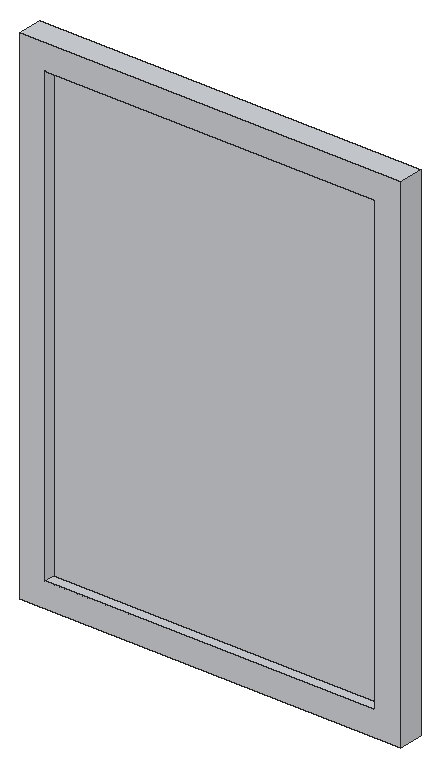
Revit family "固定窗-矩形- (1)", category 窗, Revit 2014
Parameters (values of type "90 x 120 cm")
  Height = 1200 mm
  預設窗台高度 = 900 mm
  關鍵註記 = "固定窗-矩形"
  解析營造 = "1/8 英吋 Pilkington 單層鑲嵌玻璃"
  Rough Height = Height  # 1200 mm
  Rough Width = Width  # 900 mm
  玻璃_材料 = none
  牆封閉 = 依主體
  熱阻 (R) = 0.1491 (m²·K)/W
  Solar Heat Gain Coefficient = 0.86
  Width = 900 mm
  外框_材料 = none
  外框_寬度 = 60 mm
  外框_厚度 = 60 mm
  Visual Light Transmittance = 0.9
  傳熱係數 (U) = 6.7069 W/(m²·K)
Types (2, lengths in mm): name | Height | Rough Height | Rough Width | Width
  90 x 120 cm | 1200 | 1200 | 900 | 900
  100 x 150 cm | 1500 | 1500 | 1000 | 1000
Reference planes
  plane 1: y = 0
  plane 2 "中心 (左/右)": x = 0
  plane 3 "左": x = -450
  plane 4 "右": x = 450
  plane 5 "窗台": z = 900
  plane 6 "標頭": z = 2100
  plane 7 "外部": y = 75
  plane 8 "內部": y = -75
Lines and regions (mm)
  Opening 1
    outline origin (3500, -75, 0) x (1, 0, 0) y (0, 0, 1)
      loop
        line (-3050, 900) -> (-3050, 2100) -> (-3950, 2100) -> (-3950, 900) -> (-3050, 900)
Text (mm)
  text "外部" at (-1963.203, 1332.353, 0), in view "參考樓層"
  text "內部" at (-1981.466, -818.386, 0), in view "參考樓層"
  text "外部" at (0, 923.751, 2943.296), in view "右"
  text "外部" at (0, 1040.484, 2685.409), in view "左"
Dimensions and locks
  equal spacing: plane 3 "左", plane 2 "中心 (左/右)", plane 4 "右"
  "Width": plane 3 "左" to plane 4 "右"
  "Height": plane 5 "窗台" to plane 6 "標頭"
  "預設窗台高度": plane 5 "窗台" to level
  locked: plane 7 "外部" to host wall at 0
  locked: plane 8 "內部" to host wall
  aligned and locked: plane 1 to nested 1
  aligned and locked: nested 1 to plane 3 "左"
  aligned and locked: nested 1 to plane 4 "右"
  aligned and locked: nested 1 to plane 6 "標頭"
  aligned and locked: nested 1 to plane 5 "窗台"
Automatic sketch dimensions
  Opening 1 sketch curve to plane 3 "左" = 0 mm
  Opening 1 sketch curve to plane 4 "右" = 0 mm
  Opening 1 sketch curve to plane 5 "窗台" = 0 mm
  Opening 1 sketch curve to plane 6 "標頭" = 0 mm
Nested families
  nested 1: "窗框" at (-267.428, 919.367, -100), type "窗框"
    with Height 1200 mm, Width 900 mm, 外框_厚度 60 mm
Definition of nested family "窗框"
  Parameters
    Height [instance] = 500 mm
    護桿_寬度 = 20 mm
    護桿_厚度 = 10 mm
    Rough Height = 500 mm
    Rough Width = 600 mm
    Width [instance] = 600 mm
    外框_材料 = none
    玻璃_材料 = none
    玻璃_厚度 = 10 mm
    外框_寬度 = 60 mm
    外框_厚度 = 50 mm
  Reference planes
    plane 1 "中心 (前/後)": y = -919.367
    plane 2: z = 0
    plane 3 "中心 (左/右)": x = 267.428
    plane 4 "玻璃-上": y = -939.367
    plane 5 "玻璃-下": y = -949.367
    plane 6: y = -969.367
    plane 7: x = -32.572
    plane 8: x = 567.428
    plane 9: x = 27.428
    plane 10: x = 507.428
    plane 11: z = 1440
    plane 12: z = 1500
    plane 13: z = 1060
    plane 14: z = 1000
    plane 15: y = -944.367
  Forms (mm)
    Extrusion 1, solid, material <- "玻璃_材料"
      sketch origin (-1499.274, -944.367, 1200) x (-1, 0, 0) y (0, 0, 1)
        loop
          line (-1526.702, 240) -> (-2006.702, 240) -> (-2006.702, -140) -> (-1526.702, -140) -> (-1526.702, 240)
      from -5 to 5
    Extrusion 2, solid, material <- "外框_材料"
      sketch origin (-1499.274, -944.367, 1200) x (-1, 0, 0) y (0, 0, 1)
        loop
          line (-1466.702, 300) -> (-2066.702, 300) -> (-2066.702, -200) -> (-1466.702, -200) -> (-1466.702, 300)
        loop
          line (-1526.702, 240) -> (-2006.702, 240) -> (-2006.702, -140) -> (-1526.702, -140) -> (-1526.702, 240)
      from -25 to 25
  Dimensions and locks
    equal spacing: plane 10, plane 3 "中心 (左/右)", plane 9
    "外框_寬度": plane 8 to plane 10
    "外框_寬度": plane 9 to plane 7
    "外框_寬度": plane 12 to plane 11
    "Width": plane 8 to plane 7
    "外框_寬度": plane 13 to plane 14
    "Height": plane 12 to plane 14
    plane 14 to level = 1000 mm
    equal spacing: plane 4 "玻璃-上", plane 15, plane 5 "玻璃-下"
    "玻璃_厚度": plane 4 "玻璃-上" to plane 5 "玻璃-下"
    equal spacing: plane 6, plane 15, plane 1 "中心 (前/後)"
    "外框_厚度": plane 6 to plane 1 "中心 (前/後)"
    aligned and locked: Extrusion 1 sketch curve to plane 11
    aligned and locked: plane 9 to Extrusion 1 sketch curve
    aligned and locked: Extrusion 1 sketch curve to plane 10
    aligned and locked: plane 13 to Extrusion 1 sketch curve
    aligned and locked: plane 7 to Extrusion 2 sketch curve
    aligned and locked: Extrusion 2 sketch curve to plane 12
    aligned and locked: Extrusion 2 sketch curve to plane 8
    aligned and locked: plane 9 to Extrusion 2 sketch curve
    aligned and locked: plane 13 to Extrusion 2 sketch curve
    aligned and locked: Extrusion 2 sketch curve to plane 10
    aligned and locked: Extrusion 2 sketch curve to plane 11
    aligned and locked: Extrusion 2 sketch curve to plane 14
    aligned and locked: plane 2 to level
    aligned and locked: plane 6 to Extrusion 2
    aligned and locked: plane 1 "中心 (前/後)" to Extrusion 2
    aligned and locked: plane 5 "玻璃-下" to Extrusion 1
    aligned and locked: plane 4 "玻璃-上" to Extrusion 1
